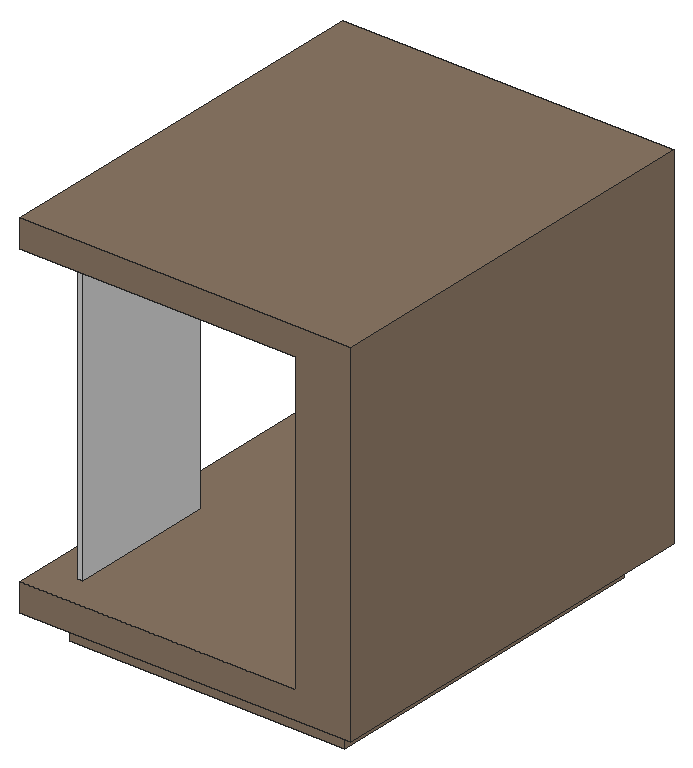
Revit family
Parameters
  URL = "http://www.martinbrattrud.com"
  Table Top [instance] = none
  SCS Certified Product = "Yes"
  Model = "Links 291-18"
  Manufacturer = "Martin Brattrud, Inc."
  Leg [instance] = none
  Keynote = "125000"
  Foot [instance] = none
  Copyright = "© 2013 Martin Brattrud, Inc."
  Chair [instance] = none
  Authoring Version = "Revit Architecture 2010"
  Assembly Code = "E2020200"
Reference planes (in)
  plane 1 "Center Front/Back": y = 0
  plane 2: z = 0
  plane 3 "Center Left/Right": x = 0
  plane 4: y = 11
  plane 5: y = -11
  plane 6: z = 21
  plane 7: z = 19.5
  plane 8: z = 0
  plane 9: z = 1.75
  plane 10: z = 3.25
  plane 11: x = -9
  plane 12: x = 9
Forms (in)
  Extrusion 1, solid
    sketch origin (-21.86807, -6.75002, 0.25) x (1, 0, 0) y (0, 1, 0)
      loop
        line (14.36807, 16.25002) -> (14.36807, -2.74998) -> (29.36807, -2.74998) -> (29.36807, 16.25002) -> (14.36807, 16.25002)
    from 0 to 1.5
  Revolve 2, solid, material <- "Leg"
    sketch origin (-6.53407, 8.5, 0) x (0, 1, 0) y (0, 0, 1)
      loop
        line (0, 0.25) -> (0, 0) -> (0.125, 0)
        arc (0.125, 0) -> (0.21339, 0.03661) -> (0.25, 0.125) r 0.125
        line (0.25, 0.125) -> (0.25, 0.25) -> (0, 0.25)
      axis (0, 0.25) -> (0, 0)
    angle from 0 to 360
  Revolve 3, solid, material <- "Leg"
    sketch origin (6.5, 8.5, 0) x (0, 1, 0) y (0, 0, -1)
      loop
        line (0, -0.25) -> (0.25, -0.25) -> (0.25, -0.125)
        arc (0.25, -0.125) -> (0.21339, -0.03661) -> (0.125, 0) r 0.125
        line (0.125, 0) -> (0, 0) -> (0, -0.25)
      axis (0, -0.25) -> (0, 0)
    angle from 0 to 360
  Revolve 4, solid, material <- "Leg"
    sketch origin (-6.53407, -8.5, 0) x (0, -1, 0) y (0, 0, -1)
      loop
        line (0, -0.25) -> (0.25, -0.25) -> (0.25, -0.125)
        arc (0.25, -0.125) -> (0.21339, -0.03661) -> (0.125, 0) r 0.125
        line (0.125, 0) -> (0, 0) -> (0, -0.25)
      axis (0, -0.25) -> (0, 0)
    angle from 0 to 360
  Revolve 5, solid, material <- "Leg"
    sketch origin (6.5, -8.5, 0) x (0, -1, 0) y (0, 0, 1)
      loop
        line (0, 0.25) -> (0, 0) -> (0.125, 0)
        arc (0.125, 0) -> (0.21339, 0.03661) -> (0.25, 0.125) r 0.125
        line (0.25, 0.125) -> (0.25, 0.25) -> (0, 0.25)
      axis (0, 0.25) -> (0, 0)
    angle from 0 to 360
  Extrusion 6, solid
    sketch origin (0, 0, 0) x (1, 0, 0) y (0, 0, 1)
      loop
        line (-9, 1.75) -> (9, 1.75) -> (9, 21) -> (-9, 21) -> (-9, 1.75)
    from -11 to 11
  Extrusion 7, void
    sketch origin (0, 0, 0) x (1, 0, 0) y (0, 0, 1)
      loop
        line (6, 19.5) -> (-9, 19.5) -> (-9, 3.25) -> (6, 3.25) -> (6, 19.5)
    from -8 to 11
  Extrusion 8, solid
    sketch origin (0, 0, 0) x (-1, 0, 0) y (0, 0, -1)
      loop
        line (-9, -1.75) -> (-9, -21) -> (9, -21) -> (9, -1.75) -> (-9, -1.75)
    from -11 to 11
  Extrusion 9, solid
    sketch origin (0, 0.25, 0) x (1, 0, 0) y (0, 0, 1)
      loop
        line (-7, 19.5) -> (-7.25, 19.5) -> (-7.25, 3.25) -> (-7, 3.25) -> (-7, 19.5)
    from 1.5 to 9.5
Cuts and joins
  Extrusion 7 cuts Extrusion 6
  Extrusion 7 cuts Extrusion 8
